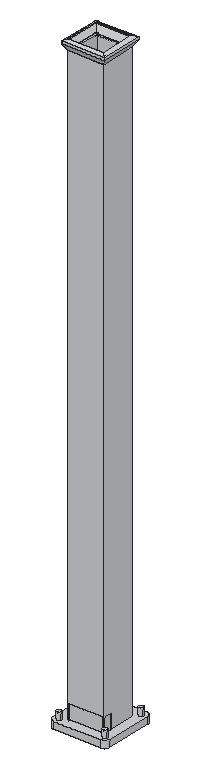
Revit family "Post_Square_CityScapes", category Generic Models, Revit 2020
Family settings
  Can host rebar = No
  Round Connector Dimension = Use Diameter
  Part Type = Normal
  Work Plane-Based = No
  Always vertical = Yes
  Cut with Voids When Loaded = No
  Shared = No
  Room Calculation Point = No
Parameters (values of type "Square Post 7' - 0"")
  URL = "https://cityscapesinc.com/products/envisor"
  TPost_Height = 7' - 4"
  Specification = "https://www.arcat.com/company/cityscapes-international-inc-40042/spec"
  Product Page URL = "https://www.arcat.com/arcatcos/cos40/arc40042.html"
  Post_DIM = 0' - 8.2682"
  POLE CAP VIZ [instance] = yes
  Manufacturer = "Envisor"
  Keynote = "06 60 00"
  GAUGE = 0' - 0 1/4"
  FRAME MATERIAL [instance] = none
  Default Elevation = 0' - 0"
  Copyright = "ARCAT"
  CAD Details = "https://www.arcat.com/company/cityscapes-international-inc-40042/cad"
Types (2): name
  Square Post 6' - 0"
  Square Post 7' - 0"
Reference planes (in)
  plane 1 "Center (Front/Back)": y = 0
  plane 2: z = 0
  plane 3 "Center (Left/Right)": x = 0
  plane 4: x = 4.13268
  plane 5: y = 4.1341
  plane 6: y = -4.1341
  plane 7: x = -4.13552
  plane 8: z = 88
Forms (in)
  Extrusion 1, solid, material <- "FRAME MATERIAL"
    sketch origin (0, 0, 0) x (1, 0, 0) y (0, 1, 0)
      loop
        line (2.63015, 2.50517) -> (-2.606, 2.50517) -> (-2.606, -2.63015) -> (2.63015, -2.63015) -> (2.63015, 2.50517)
      loop
        line (2.38015, 2.25517) -> (-2.356, 2.25517) -> (-2.356, -2.38015) -> (2.38015, -2.38015) -> (2.38015, 2.25517)
    from 0 to 88
  Sweep 2, solid, material <- "FRAME MATERIAL", visible <- "POLE CAP VIZ"
    path in 3D
      loop
        line (-2.606, 2.50517, 88) -> (-2.606, -2.63015, 88) -> (2.63015, -2.63015, 88) -> (2.63015, 2.50517, 88) -> (-2.606, 2.50517, 88)
    profile origin (0.01207, 2.50517, 88) x (0, -1, 0) y (0, 0, 1)
      loop
        line (0, 0) -> (0, 0.0625) -> (-0.5, 0.92853) -> (-0.5, 1.1985) -> (0, 1.48717) -> (0, 1.52326) -> (-0.53125, 1.21654) -> (-0.53125, 0.92015) -> (0, 0)
Lines and regions (in)
  sketch lines
    curve 1: line (2.63015, 2.50517, 88) -> (-2.606, 2.50517, 88)
    curve 2: line (2.63015, -2.63015, 88) -> (2.63015, 2.50517, 88)
    curve 3: line (-2.606, -2.63015, 88) -> (2.63015, -2.63015, 88)
    curve 4: line (-2.606, 2.50517, 88) -> (-2.606, -2.63015, 88)
Dimensions and locks (in)
  "Post_DIM": plane 5 to plane 6
  "Post_DIM": plane 7 to plane 4
  "TPost_Height": plane 8 to plane 2
  "GAUGE": Extrusion 1 sketch curve to Extrusion 1 sketch curve  (x4)
  aligned and locked: plane 2 to level
  aligned and locked: plane 8 to Extrusion 1
  aligned and locked: plane 1 "Center (Front/Back)" to nested 1
  aligned and locked: plane 3 "Center (Left/Right)" to nested 1
  aligned and locked: Extrusion 1 to plane 2
  aligned and locked: Extrusion 1 sketch curve to nested 1  (x4)
  aligned and locked: Sweep 2 sketch curve to profile plane
  aligned and locked: profile plane to Sweep 2 sketch curve
Automatic sketch dimensions
  Sweep 2 sketch curve to profile plane = 0' - 0"
  profile plane to Sweep 2 sketch curve = 0' - 0 1/2"
  Sweep 2 sketch curve to Sweep 2 sketch curve = 0' - 0 1/32"
  Sweep 2 sketch curve to Sweep 2 sketch curve = 0' - 0.00837"
  Sweep 2 sketch curve to Sweep 2 sketch curve = 0' - 0.26997"
  Sweep 2 sketch curve to Sweep 2 sketch curve = 0' - 0.01804"
  Sweep 2 sketch curve to Sweep 2 sketch curve = 0' - 0.28868"
  Sweep 2 sketch curve to Sweep 2 sketch curve = 0' - 0.03608"
  profile plane to Sweep 2 sketch curve = 0' - 0 1/16"
  profile plane to Sweep 2 sketch curve = 0' - 0.92015"
Nested families (in)
  nested 1: "Footing" at (0, 0, 0), FRAME MATERIAL <- "FRAME MATERIAL", type "Footing"
    with FRAME MATERIAL none
Definition of nested family "Footing"
  Parameters (values of type "Footing")
    TPost_Height = 0' - 3"
    FRAME MATERIAL [instance] = none
    Default Elevation = 0' - 0"
  Reference planes (in)
    plane 1 "Center (Front/Back)": y = 0
    plane 2: z = 0
    plane 3 "Center (Left/Right)": x = 0
    plane 4: z = 3
  Forms (in)
    Extrusion 1, solid, material <- "FRAME MATERIAL"
      sketch origin (0, 0, 0) x (1, 0, 0) y (0, 1, 0)
        loop
          arc (-3.43254, 4.1341) -> (-3.92761, 3.92903) -> (-4.13268, 3.43396) r 0.70014
          line (-4.13268, 3.43396) -> (-4.13268, -3.43396)
          arc (-4.13268, -3.43396) -> (-3.92761, -3.92903) -> (-3.43254, -4.1341) r 0.70014
          line (-3.43254, -4.1341) -> (3.43254, -4.1341)
          arc (3.43254, -4.1341) -> (3.92761, -3.92903) -> (4.13268, -3.43396) r 0.70014
          line (4.13268, -3.43396) -> (4.13268, 3.43396)
          arc (4.13268, 3.43396) -> (3.92761, 3.92903) -> (3.43254, 4.1341) r 0.70014
          line (3.43254, 4.1341) -> (-3.43254, 4.1341)
      from 0 to 1
    Extrusion 2, solid, material <- "FRAME MATERIAL"
      sketch origin (0, 0, 0) x (1, 0, 0) y (0, 1, 0)
        loop
          arc (-2.4299, 2.50517) -> (-2.52566, 2.48557) -> (-2.606, 2.4299) r 0.24364
          line (-2.606, 2.4299) -> (-2.606, -2.45405)
          arc (-2.606, -2.45405) -> (-2.55442, -2.57857) -> (-2.4299, -2.63015) r 0.1761
          line (-2.4299, -2.63015) -> (2.45405, -2.63015)
          arc (2.45405, -2.63015) -> (2.57857, -2.57857) -> (2.63015, -2.45405) r 0.1761
          line (2.63015, -2.45405) -> (2.63015, -1.45283)
          arc (2.63015, -1.45283) -> (2.57857, -1.32831) -> (2.45405, -1.27673) r 0.1761
          line (2.45405, -1.27673) -> (1.07649, -1.27673) -> (1.07649, 0.70156)
          arc (1.07649, 0.70156) -> (0.94873, 0.89996) -> (0.7257, 0.97707) r 0.36106
          line (0.7257, 0.97707) -> (-1.17732, 0.97707) -> (-1.17732, 2.4299)
          arc (-1.17732, 2.4299) -> (-1.25766, 2.48557) -> (-1.35342, 2.50517) r 0.24364
          line (-1.35342, 2.50517) -> (-2.4299, 2.50517)
        loop
          arc (-2.5435, -2.45405) -> (-2.51023, -2.53437) -> (-2.4299, -2.56765) r 0.1136
          line (-2.4299, -2.56765) -> (2.45405, -2.56765)
          arc (2.45405, -2.56765) -> (2.53437, -2.53437) -> (2.56765, -2.45405) r 0.1136
          line (2.56765, -2.45405) -> (2.56765, -1.45283)
          arc (2.56765, -1.45283) -> (2.53437, -1.3725) -> (2.45405, -1.33923) r 0.1136
          line (2.45405, -1.33923) -> (1.01399, -1.33923) -> (1.01399, 0.69369)
          arc (1.01399, 0.69369) -> (0.90729, 0.853) -> (0.7257, 0.91457) r 0.29856
          line (0.7257, 0.91457) -> (-1.23982, 0.91457) -> (-1.23982, 2.40262)
          arc (-1.23982, 2.40262) -> (-1.29319, 2.43237) -> (-1.35342, 2.44267) r 0.18114
          line (-1.35342, 2.44267) -> (-2.4299, 2.44267)
          arc (-2.4299, 2.44267) -> (-2.49013, 2.43237) -> (-2.5435, 2.40262) r 0.18114
          line (-2.5435, 2.40262) -> (-2.5435, -2.45405)
      from 0 to 3
    Extrusion 3, solid, material <- "FRAME MATERIAL"
      sketch origin (0, 0, 0) x (1, 0, 0) y (0, 1, 0)
        loop
          circle (-3.38378, 3.27648) r 0.32836
        loop
          circle (3.29101, 3.27648) r 0.32836
        loop
          circle (-3.38378, -3.27648) r 0.32836
        loop
          circle (3.29101, -3.27648) r 0.32836
      from 0 to 2
  Dimensions and locks (in)
    "TPost_Height": plane 4 to plane 2
    aligned and locked: plane 2 to level
    aligned and locked: plane 4 to Extrusion 2
  Automatic sketch dimensions
    Extrusion 1 sketch curve to plane 3 "Center (Left/Right)" = 0' - 4.13268"
    Extrusion 1 sketch curve to Extrusion 1 sketch curve = 0' - 0.70014"  (x3)
    plane 3 "Center (Left/Right)" to Extrusion 1 sketch curve = 0' - 3.43254"  (x2)
    plane 1 "Center (Front/Back)" to Extrusion 1 sketch curve = 0' - 4.1341"
    Extrusion 1 sketch curve to plane 1 "Center (Front/Back)" = 0' - 3.43396"
    Extrusion 2 sketch curve to Extrusion 2 sketch curve = 0' - 0"  (x14)
    Extrusion 2 sketch curve to plane 3 "Center (Left/Right)" = 0' - 2.606"
    Extrusion 2 sketch curve to Extrusion 2 sketch curve = 0' - 0 1/16"  (x3)
    Extrusion 2 sketch curve to Extrusion 2 sketch curve = 0' - 0.1136"  (x3)
    Extrusion 2 sketch curve to Extrusion 2 sketch curve = 0' - 1.07649"
    Extrusion 2 sketch curve to plane 3 "Center (Left/Right)" = 0' - 1.23982"
    plane 3 "Center (Left/Right)" to Extrusion 2 sketch curve = 0' - 0.7257"
    plane 3 "Center (Left/Right)" to Extrusion 2 sketch curve = 0' - 1.01399"
    Extrusion 2 sketch curve to Extrusion 2 sketch curve = 0' - 1.37756"
    plane 1 "Center (Front/Back)" to Extrusion 2 sketch curve = 0' - 2.63015"
    Extrusion 2 sketch curve to Extrusion 2 sketch curve = 0' - 1.00122"
    Extrusion 2 sketch curve to plane 1 "Center (Front/Back)" = 0' - 0.61601"
    Extrusion 2 sketch curve to Extrusion 2 sketch curve = 0' - 0.07768"
    Extrusion 2 sketch curve to Extrusion 2 sketch curve = 0' - 0.00787"
    Extrusion 2 sketch curve to Extrusion 2 sketch curve = 0' - 1.28446"
    Extrusion 2 sketch curve to Extrusion 2 sketch curve = 0' - 0.14109"
    Extrusion 2 sketch curve to Extrusion 2 sketch curve = 0' - 0.02728"
    Extrusion 3 sketch curve to plane 3 "Center (Left/Right)" = 0' - 3.38378"  (x2)
    plane 3 "Center (Left/Right)" to Extrusion 3 sketch curve = 0' - 3.29101"  (x2)
    plane 1 "Center (Front/Back)" to Extrusion 3 sketch curve = 0' - 3.27648"  (x2)
    Extrusion 3 sketch curve to plane 1 "Center (Front/Back)" = 0' - 3.27648"  (x2)
    radius of Extrusion 3 sketch curve = 0' - 0.32836"  (x4)
